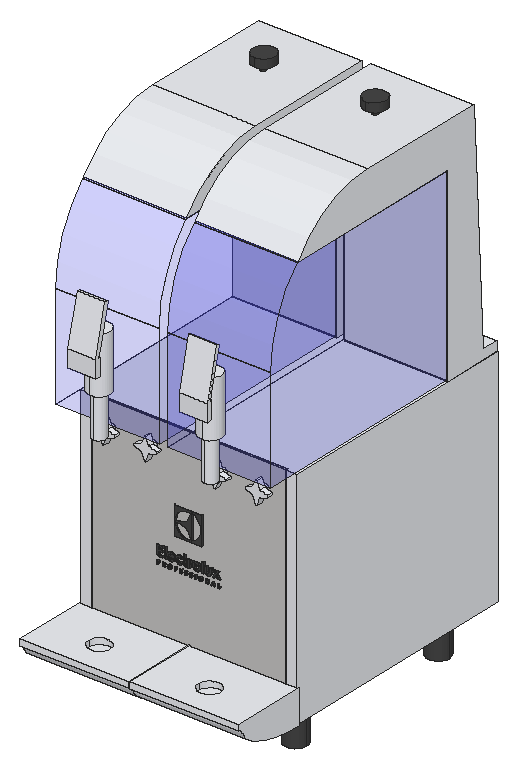
Revit family "QF_ELECTROLUXPROFESSIONAL_562532_IPRO2MLUVR290", category Attrezzature speciali, Revit 2020
Family settings
  Quota connettore circolare = Usa diametro
  Tipo di parte = Normale
  Basato su piano di lavoro = No
  Sempre verticale = Sì
  Taglio con vuoti quando caricato = No
  Condiviso = No
  Punto di calcolo locali = No
Parameters (values of type "Standard")
  Weight = 60.00 kg
  Watts = 830 W
  Volts = 220 V
  URL Manufacturer = "https://www.electroluxprofessional.com/"
  URL = "https://www.electroluxprofessional.com/"
  Steam Supply Size = 0 mm
  Steam Supply Minimum Pressure = 0.0 Pa
  Steam Supply Maximum Pressure = 0.0 Pa
  Steam Consumption per Hour = 0
  Show Logo [instance] = yes
  Show Clearance [instance] = yes
  Refrigeration Suction Line Size = 0 mm
  Refrigeration Liquid Line Size = 0 mm
  Refrigerant Compressor Remote = yes
  Prospetto di default = 0 mm
  Produttore = "Electrolux Professional"
  Phase = 1
  Modello = "IPRO2MLUVR290"
  Length Actual = 400 mm  # constant formula
  Item Number = "562532"
  Hot Water Size = 0 mm
  Height Actual = 870 mm  # constant formula
  HP = "1.1 HP"
  Gas Size = 0 mm
  Gas KW = 0
  Gas Input Pressure = 0 W
  Direct Waste Size = 0 mm
  Descrizione = "2X11 LT BOWL - FROZEN GRANITA DISPENSER - MECHANICAL CONTROL & LIGHTED PANEL - 2 INSULATED BOWLS - UV LIGHT, R290"
  Depth Actual = 580 mm  # constant formula
  Cycle = 50 Hz
  Condensate Return Size = 0 mm
  Compressed Air Volume = 0.0 L/s
  Compressed Air Size = 0 mm
  Compressed Air Pressure = 0.0 Pa
  Cold Water Size = 0 mm
  Accessory = yes
Reference planes
  plane 1: z = 0
  plane 2 "LEFT": x = -300
  plane 3 "BACK": y = 282.5
  plane 4 "FRONT": y = -301.5
  plane 5: z = 873
  plane 6 "RIGHT": x = 95
  plane 7: x = -102.5
  plane 8: y = -282.5
  plane 9: x = -202.5
  plane 10: x = -2.5
  plane 11: z = 445
  plane 12: z = 677.97
  plane 13: z = 110
  plane 14: z = 900
  plane 15: through (60, -104.25, 3830) normal (-0.7071, -0.7071, 0)
  plane 16: through (60, -84.25, 3830) normal (0.7071, -0.7071, 0)
Forms (mm)
  Extrusion 1, solid, material "QF_Finishes_White"
    sketch origin (0, 0, 0) x (1, 0, 0) y (0, 1, 0)
      loop
        line (-296.5, 282.5) -> (-296.5, -167.5) -> (-276.5, -167.5) -> (-276.5, -162.5) -> (71.5, -162.5) -> (71.5, -167.5) -> (91.5, -167.5) -> (91.5, 282.5) -> (-296.5, 282.5)
    from 50 to 453
  Extrusion 2, solid, material "QF_Finishes_Stainless Steel"
    sketch origin (0, 0, 0) x (1, 0, 0) y (0, 1, 0)
      loop
        line (71, -163) -> (-276, -163) -> (-276, -167.5) -> (71, -167.5) -> (71, -163)
    from 110 to 453
  Extrusion 3, solid, material "QF_Finishes_Stainless Steel"
    sketch origin (-367.596, -267.273, 48) x (0, -1, 0) y (1, 0, 0)
      loop
        line (-163.023, 407.596) -> (-163.023, 427.596) -> (-183.023, 427.596) -> (-183.023, 407.596) -> (-163.023, 407.596)
    from 0 to 2
Dimensions and locks
  plane 3 "BACK" to plane 4 "FRONT" = 584 mm  (x3)
  plane 5 to level = 873 mm  (x2)
  plane 2 "LEFT" to plane 6 "RIGHT" = 395 mm
  equal spacing: plane 2 "LEFT", plane 7, plane 6 "RIGHT"
  plane 3 "BACK" to plane 8 = 565 mm
  plane 10 to plane 9 = 200 mm
  plane 12 to plane 11 = 232.97 mm
  level to plane 14 = 900 mm
  plane 13 to level = 110 mm
  plane 11 to plane 13 = 335 mm
  plane 6 "RIGHT" to plane 2 "LEFT" = 395 mm
  aligned and locked: level to plane 1
Automatic sketch dimensions
  Extrusion 1 sketch curve to plane 3 "BACK" = 0 mm
  plane 2 "LEFT" to Extrusion 1 sketch curve = 3.5 mm
  Extrusion 1 sketch curve to Extrusion 1 sketch curve = 20 mm
  Extrusion 1 sketch curve to plane 6 "RIGHT" = 23.5 mm
  Extrusion 1 sketch curve to plane 6 "RIGHT" = 3.5 mm
  Extrusion 1 sketch curve to plane 8 = 120 mm
  Extrusion 1 sketch curve to Extrusion 1 sketch curve = 5 mm  (x2)
  plane 2 "LEFT" to Extrusion 2 sketch curve = 24 mm
  Extrusion 2 sketch curve to plane 6 "RIGHT" = 24 mm
  Extrusion 2 sketch curve to plane 8 = 115 mm
  Extrusion 2 sketch curve to Extrusion 2 sketch curve = 4.5 mm
  Extrusion 3 sketch curve to plane 15 = 0 mm
  plane 16 to Extrusion 3 sketch curve = 0 mm
  Extrusion 3 sketch curve to plane 16 = 0 mm
  plane 10 to Extrusion 3 sketch curve = 42.5 mm
Nested families
  nested 1: "BOCCHETTONE BEVERAGE" at (-202.5, -260.625, 445), type "BOCCHETTONE BEVERAGE"
  nested 2: "BOCCHETTONE BEVERAGE" at (-2.5, -260.625, 445), type "BOCCHETTONE BEVERAGE"
  nested 3: "MANOPOLA BEVERAGE" at (-240, -167.5, 413) x (0, 0, 1) z (0, -1, 0), type "MANOPOLA BEVERAGE"
  nested 4: "MANOPOLA BEVERAGE" at (-165, -167.5, 413) x (0, 0, 1) z (0, -1, 0), type "MANOPOLA BEVERAGE"
  nested 5: "MANOPOLA BEVERAGE" at (35, -167.5, 413) x (0, 0, 1) z (0, -1, 0), type "MANOPOLA BEVERAGE"
  nested 6: "MANOPOLA BEVERAGE" at (-40, -167.5, 413) x (0, 0, 1) z (0, -1, 0), type "MANOPOLA BEVERAGE"
  nested 7: "MANOPOLA APERTURA BEVERAGE " at (-202.5, 125, 873) x (0, 1, 0) z (0, 0, 1), type "MANOPOLA APERTURA BEVERAGE "
  nested 8: "MANOPOLA APERTURA BEVERAGE " at (-2.5, 125, 873) x (0, 1, 0) z (0, 0, 1), type "MANOPOLA APERTURA BEVERAGE "
  nested 9: "ELXP_LOGO_ONLY_MEDIUM" at (-102.5, -167.5, 303) x (1, 0, 0) z (0, -1, 0), Show Logo <- "Show Logo", visible <- "Show Logo", type "ELXP_LOGO_ONLY_MEDIUM"
    with Show Logo yes
  nested 10: "ELX_LOGO_WORDS_MEDIUM" at (-102.5, -167.5, 238) x (1, 0, 0) z (0, -1, 0), visible <- "Show Logo", Show Logo <- "Show Logo", type "ELX_LOGO_WORDS_MEDIUM"
    with Show Logo yes
  nested 11: "VASCHETTA BEVERAGE" at (-201.25, -167.5, 80) x (1, 0, 0) z (0, -1, 0), type "VASCHETTA BEVERAGE"
  nested 12: "VASCHETTA BEVERAGE" at (-3.75, -167.5, 80) x (-1, 0, 0) z (0, -1, 0), type "VASCHETTA BEVERAGE"
  nested 13: "PORTAGRANITE BEVERAGE" at (-202.5, 28.972, 453), type "PORTAGRANITE BEVERAGE"
  nested 14: "PORTAGRANITE BEVERAGE" at (-2.5, 28.972, 453) x (-1, 0, 0) z (0, 0, 1), type "PORTAGRANITE BEVERAGE"
  nested 15: "Piedino 50x40 BEVERAGE" at (-268.5, 184.5, 0), type "Piedino 50x40 BEVERAGE"
    with H 150 mm
  nested 16: "Piedino 50x40 BEVERAGE" at (-268.5, -135.5, 0), type "Piedino 50x40 BEVERAGE"
    with H 150 mm
  nested 17: "Piedino 50x40 BEVERAGE" at (63.5, 184.5, 0) x (-1, 0, 0) z (0, 0, 1), type "Piedino 50x40 BEVERAGE"
    with H 150 mm
  nested 18: "Piedino 50x40 BEVERAGE" at (63.5, -135.5, 0) x (-1, 0, 0) z (0, 0, 1), type "Piedino 50x40 BEVERAGE"
    with H 150 mm
Connectors
  electrical at (50, -94.25, 48), driven by "Volts"
    settings: on Extrusion 3, index 72, voltage 220 V, apparent load 0 VA, apparent load phase1 0 VA, apparent load phase2 0 VA, apparent load phase3 0 VA, power factor 1, load classification "Altro", number of poles 1, system type 30, power factor state 1, is connector primary yes, connector utility no, sub classification motor no, connector description "Electrical Connection"
Definition of nested family "BOCCHETTONE BEVERAGE"
  Parameters (values of type "BOCCHETTONE BEVERAGE")
    Default Elevation = 1219.2 mm
  Reference planes
    plane 1 "Centro (Fronte/Retro)": y = 0
    plane 2: z = 0
    plane 3 "Centro (Sinistra/Destra)": x = 0
    plane 4: z = 233
    plane 5: y = -22
  Forms (mm)
    Extrusion 1, solid
      sketch origin (0, 0, 0) x (1, 0, 0) y (0, 1, 0)
        loop
          line (-1219.2, 1219.2) -> (-1219.2, -1219.2) -> (1219.2, -1219.2) -> (1219.2, 1219.2) -> (-1219.2, 1219.2)
      from 0 to -304.8
    Extrusion 2, solid
      sketch origin (0, 15.961, 0) x (0, -1, 0) y (1, 0, 0)
        loop
          circle (0, 0) r 12
      from 0 to 75
    Extrusion 3, solid
      sketch origin (0, 15.961, 75) x (0, -1, 0) y (1, 0, 0)
        loop
          circle (0, 0) r 20
      from 0 to 100
    Extrusion 4, void
      sketch origin (0, 0, 0) x (1, 0, 0) y (0, 1, 0)
        loop
          line (-27.179, -16.141) -> (-21.226, -10.188) -> (-6.226, -10.188) -> (-6.226, 12.684) -> (-27.179, 12.684) -> (-27.179, -16.141)
        loop
          line (27.179, -16.141) -> (27.179, 12.684) -> (6.226, 12.684) -> (6.226, -10.188) -> (21.226, -10.188) -> (27.179, -16.141)
      from 104.337 to 159.894
    Extrusion 5, solid
      sketch origin (25, 15.961, 29.221) x (0, -1, 0) y (0, 0, 1)
        loop
          line (11.922, 118.779) -> (11.922, 88.779) -> (37.961, 88.779) -> (37.961, 119.393) -> (16.929, 203.749) -> (12.077, 202.539) -> (32.961, 118.779) -> (11.922, 118.779)
      from 0 to 50
  Cuts and joins
    Extrusion 4 cuts Extrusion 5
    joined: Extrusion 3, Extrusion 5
  Dimensions and locks
    Extrusion 1 to plane 4 = 233 mm
    aligned and locked: plane 2 to Extrusion 1
    aligned and locked: level to Extrusion 1
Definition of nested family "MANOPOLA BEVERAGE"
  Parameters (values of type "MANOPOLA BEVERAGE")
    Default Elevation = 1219.2 mm
  Reference planes
    plane 1 "Centro (Fronte/Retro)": y = 0
    plane 2: z = 0
    plane 3 "Centro (Sinistra/Destra)": x = 0
    plane 4: z = 20
  Forms (mm)
    Extrusion 1, solid
      sketch origin (0, 0, 0) x (1, 0, 0) y (0, 1, 0)
        loop
          line (-1219.2, 1219.2) -> (-1219.2, -1219.2) -> (1219.2, -1219.2) -> (1219.2, 1219.2) -> (-1219.2, 1219.2)
      from 0 to -304.8
    Extrusion 2, solid
      sketch origin (0, 0, 10) x (1, 0, 0) y (0, 1, 0)
        loop
          line (-20, -1.333) -> (-6.314, -6.314) -> (-1.333, -20) -> (1.333, -20) -> (6.314, -6.314) -> (20, -1.333) -> (20, 1.333) -> (6.314, 6.314) -> (1.333, 20) -> (-1.333, 20) -> (-6.314, 6.314) -> (-20, 1.333) -> (-20, -1.333)
      from 0 to 10
    Extrusion 3, solid
      sketch origin (0, 0, 0) x (1, 0, 0) y (0, 1, 0)
        loop
          circle (0, 0) r 5
      from 0 to 10
  Dimensions and locks
    aligned and locked: plane 2 to Extrusion 1
    aligned and locked: level to Extrusion 1
Definition of nested family "MANOPOLA APERTURA BEVERAGE "
  Parameters (values of type "MANOPOLA APERTURA BEVERAGE ")
    Default Elevation = 1219.2 mm
  Reference planes
    plane 1 "Centro (Fronte/Retro)": y = 0
    plane 2: z = 0
    plane 3 "Centro (Sinistra/Destra)": x = 0
    plane 4: z = 27
  Forms (mm)
    Extrusion 1, solid
      sketch origin (0, 0, 0) x (1, 0, 0) y (0, 1, 0)
        loop
          line (-1219.2, 1219.2) -> (-1219.2, -1219.2) -> (1219.2, -1219.2) -> (1219.2, 1219.2) -> (-1219.2, 1219.2)
      from 0 to -304.8
    Extrusion 2, solid
      sketch origin (0, 0, 0) x (1, 0, 0) y (0, 1, 0)
        loop
          circle (0, 0) r 5
      from 0 to 12
    Extrusion 3, solid
      sketch origin (0, 0, 12) x (1, 0, 0) y (0, 1, 0)
        loop
          circle (0, 0) r 20
      from 0 to 15
  Dimensions and locks
    Extrusion 1 to plane 4 = 27 mm
    aligned and locked: plane 2 to Extrusion 1
    aligned and locked: level to Extrusion 1
Definition of nested family "ELXP_LOGO_ONLY_MEDIUM"
  Parameters (values of type "ELXP_LOGO_ONLY_MEDIUM")
    Show Logo [instance] = yes
    Default Elevation = 0 mm
  Reference planes
    plane 1 "Centro (Fronte/Retro)": y = 0
    plane 2: z = 0
    plane 3 "Centro (Sinistra/Destra)": x = 0
  Forms (mm)
    Extrusion 1, solid
      sketch origin (0, 0, 0) x (1, 0, 0) y (0, 1, 0)
        loop
          line (-1219.2, 1219.2) -> (-1219.2, -1219.2) -> (1219.2, -1219.2) -> (1219.2, 1219.2) -> (-1219.2, 1219.2)
      from 0 to -304.8
    Extrusion 2, solid, visible <- "Show Logo"
      sketch origin (15.862, -72.798, 0) x (1, 0, 0) y (0, 1, 0)
        loop
          line (-40.901, 47.952) -> (9.138, 47.952) -> (9.138, 97.923) -> (-40.901, 97.923) -> (-40.901, 47.952)
        loop
          line (-9.2, 95.47) -> (-9.2, 50.507)
          arc (-9.2, 50.507) -> (7.421, 72.988) -> (-9.2, 95.47) r 23.515
        loop
          line (-11.486, 92.214) -> (-11.486, 95.47)
          arc (-11.486, 95.47) -> (-30.185, 91.22) -> (-39.194, 74.292) r 23.044
          line (-39.194, 74.292) -> (-31.756, 74.292)
          arc (-31.756, 74.292) -> (-18.467, 79.686) -> (-11.486, 92.214) r 21.599
        loop
          arc (-39.194, 71.685) -> (-30.2, 54.618) -> (-11.486, 49.93) r 23.647
          line (-11.486, 49.93) -> (-11.486, 53.763)
          arc (-11.486, 53.763) -> (-18.467, 66.291) -> (-31.756, 71.685) r 21.599
          line (-31.756, 71.685) -> (-39.194, 71.685)
      from 0 to 1.644
  Dimensions and locks
    aligned and locked: plane 2 to Extrusion 1
    aligned and locked: level to Extrusion 1
Definition of nested family "ELX_LOGO_WORDS_MEDIUM"
  Parameters (values of type "ELX_LOGO_WORDS_MEDIUM")
    Show Logo [instance] = yes
    Default Elevation = 0 mm
  Reference planes
    plane 1 "Centro (Fronte/Retro)": y = 0
    plane 2: z = 0
    plane 3 "Centro (Sinistra/Destra)": x = 0
  Forms (mm)
    Extrusion 1, solid
      sketch origin (0, 0, 0) x (1, 0, 0) y (0, 1, 0)
        loop
          line (-1219.2, 1219.2) -> (-1219.2, -1219.2) -> (1219.2, -1219.2) -> (1219.2, 1219.2) -> (-1219.2, 1219.2)
      from 0 to -304.8
    Extrusion 2, solid, visible <- "Show Logo"
      sketch origin (0, 0, 0) x (1, 0, 0) y (0, 1, 0)
        loop
          line (-45.351, 15.842) -> (-56.505, 15.842) -> (-56.505, 2.853)
          arc (-56.505, 2.853) -> (-55.037, -0.691) -> (-51.493, -2.159) r 5.012
          line (-51.493, -2.159) -> (-45.135, -2.159) -> (-45.135, 0.755) -> (-50.767, 0.755)
          arc (-50.767, 0.755) -> (-52.618, 1.38) -> (-53.406, 3.168) r 2.423
          line (-53.406, 3.168) -> (-53.406, 5.743) -> (-45.833, 5.743) -> (-45.833, 8.668) -> (-53.406, 8.668) -> (-53.406, 12.925) -> (-45.351, 12.925) -> (-45.351, 15.842)
        loop
          line (-42.933, 15.842) -> (-42.933, -2.159) -> (-39.832, -2.159) -> (-39.832, 15.842) -> (-42.933, 15.842)
        loop
          line (24.405, 15.842) -> (24.405, -2.159) -> (27.508, -2.159) -> (27.508, 15.842) -> (24.405, 15.842)
        loop
          line (-34.705, 3.589) -> (-24.531, 3.589)
          arc (-24.531, 3.589) -> (-26.123, 9.178) -> (-31.565, 11.217) r 6.447
          arc (-31.565, 11.217) -> (-36.358, 8.786) -> (-37.726, 3.589) r 6.56
          arc (-37.726, 3.589) -> (-35.926, -0.757) -> (-31.58, -2.557) r 6.146
          arc (-31.58, -2.557) -> (-28.198, -2.058) -> (-25.362, -0.149) r 7.726
          line (-25.362, -0.149) -> (-27.199, 1.688)
          arc (-27.199, 1.688) -> (-29.61, 0.242) -> (-32.411, 0.485) r 4.558
          arc (-32.411, 0.485) -> (-34.119, 1.622) -> (-34.705, 3.589) r 3.019
        loop
          line (-34.628, 5.769) -> (-27.646, 5.769)
          arc (-27.646, 5.769) -> (-28.626, 7.83) -> (-30.779, 8.59) r 2.974
          arc (-30.779, 8.59) -> (-33.263, 7.943) -> (-34.628, 5.769) r 3.481
        loop
          line (-12.445, 7.067) -> (-10.499, 9.013)
          arc (-10.499, 9.013) -> (-12.94, 10.78) -> (-15.907, 11.309) r 6.746
          arc (-15.907, 11.309) -> (-20.432, 9.655) -> (-22.806, 5.463) r 6.977
          arc (-22.806, 5.463) -> (-18.803, -1.885) -> (-10.608, -0.191) r 7.026
          line (-10.608, -0.191) -> (-12.544, 1.745)
          arc (-12.544, 1.745) -> (-16.723, 0.362) -> (-19.717, 3.589) r 4.071
          arc (-19.717, 3.589) -> (-19.509, 6.14) -> (-17.752, 8.002) r 3.867
          arc (-17.752, 8.002) -> (-14.941, 8.431) -> (-12.445, 7.067) r 4.442
        loop
          line (-8.594, 15.842) -> (-8.594, 3.541)
          arc (-8.594, 3.541) -> (-8.326, 1.695) -> (-7.635, -0.038) r 7.951
          arc (-7.635, -0.038) -> (-5.422, -1.797) -> (-2.62, -2.167) r 5.297
          line (-2.62, -2.167) -> (-2.62, 0.738)
          arc (-2.62, 0.738) -> (-3.453, 0.802) -> (-4.23, 1.109) r 2.792
          arc (-4.23, 1.109) -> (-5.227, 2.163) -> (-5.494, 3.589) r 2.57
          line (-5.494, 3.589) -> (-5.494, 8.043) -> (-2.678, 8.043) -> (-2.678, 10.86) -> (-5.494, 10.86) -> (-5.494, 15.842) -> (-8.594, 15.842)
        loop
          arc (3.006, 4.684) -> (3.228, 5.982) -> (3.868, 7.133) r 3.911
          arc (3.868, 7.133) -> (5.725, 8.086) -> (7.812, 8.043) r 4.26
          line (7.812, 8.043) -> (7.812, 11.023)
          arc (7.812, 11.023) -> (5.085, 10.766) -> (3.006, 8.983) r 4.524
          line (3.006, 8.983) -> (3.006, 10.86) -> (-0.069, 10.86) -> (-0.069, -2.159) -> (3.006, -2.159) -> (3.006, 4.684)
        loop
          circle (15.393, 4.348) r 6.899
        loop
          circle (15.393, 4.348) r 4.181
        loop
          arc (38.69, 3.262) -> (37.924, 1.158) -> (35.848, 0.319) r 2.752
          arc (35.848, 0.319) -> (33.771, 1.158) -> (33.005, 3.262) r 2.752
          line (33.005, 3.262) -> (33.005, 10.859) -> (29.879, 10.859) -> (29.879, 3.004)
          arc (29.879, 3.004) -> (31.658, -1.052) -> (35.848, -2.489) r 5.512
          arc (35.848, -2.489) -> (40.084, -1.008) -> (41.815, 3.132) r 5.512
          line (41.815, 3.132) -> (41.815, 10.859) -> (38.69, 10.859) -> (38.69, 3.262)
        loop
          line (43.689, 10.859) -> (48.192, 4.746) -> (43.245, -2.164) -> (46.578, -2.164) -> (49.861, 2.422) -> (53.193, -2.164) -> (56.505, -2.164) -> (51.629, 4.817) -> (56.087, 10.859) -> (52.703, 10.859) -> (49.851, 6.995) -> (47.043, 10.859) -> (43.689, 10.859)
        loop
          line (-53.813, -9.621) -> (-56.285, -9.621) -> (-56.285, -15.847) -> (-54.932, -15.847) -> (-54.932, -13.703) -> (-53.437, -13.703)
          arc (-53.437, -13.703) -> (-51.764, -11.49) -> (-53.813, -9.621) r 2.058
        loop
          arc (-53.496, -12.48) -> (-52.984, -11.679) -> (-53.496, -10.879) r 0.881
          line (-53.496, -10.879) -> (-54.932, -10.879) -> (-54.932, -12.48) -> (-53.496, -12.48)
        loop
          line (-44.045, -9.621) -> (-46.56, -9.621) -> (-46.56, -15.847) -> (-45.207, -15.847) -> (-45.207, -13.703) -> (-43.898, -13.703) -> (-43.003, -15.847) -> (-41.55, -15.847) -> (-42.774, -13.222)
          arc (-42.774, -13.222) -> (-42.188, -12.521) -> (-41.991, -11.628) r 1.922
          arc (-41.991, -11.628) -> (-42.609, -10.206) -> (-44.045, -9.621) r 2.055
        loop
          line (-45.207, -10.879) -> (-45.207, -12.48) -> (-43.771, -12.48)
          arc (-43.771, -12.48) -> (-43.258, -11.679) -> (-43.771, -10.879) r 0.881
          line (-43.771, -10.879) -> (-45.207, -10.879)
        loop
          circle (-33.602, -12.734) r 3.233
        loop
          circle (-33.602, -12.734) r 2.052
        loop
          line (-25.054, -9.622) -> (-25.054, -15.847) -> (-23.734, -15.847) -> (-23.734, -13.671) -> (-21.392, -13.671) -> (-21.392, -12.276) -> (-23.734, -12.276) -> (-23.734, -10.963) -> (-21.167, -10.963) -> (-21.167, -9.622) -> (-25.054, -9.622)
        loop
          line (-15.917, -9.622) -> (-15.917, -13.825)
          arc (-15.917, -13.825) -> (-15.343, -15.249) -> (-13.926, -15.842) r 1.991
          line (-13.926, -15.842) -> (-11.917, -15.842) -> (-11.917, -14.666) -> (-13.806, -14.666)
          arc (-13.806, -14.666) -> (-14.501, -14.091) -> (-14.638, -13.198) r 1.267
          line (-14.638, -13.198) -> (-12.15, -13.198) -> (-12.15, -12.023) -> (-14.638, -12.023) -> (-14.638, -10.797) -> (-11.977, -10.797) -> (-11.977, -9.622) -> (-15.917, -9.622)
        loop
          arc (6.626, -10.41) -> (5.801, -9.733) -> (4.757, -9.518) r 2.228
          arc (4.757, -9.518) -> (3.792, -9.755) -> (2.999, -10.352) r 2.468
          arc (2.999, -10.352) -> (2.853, -11.766) -> (3.765, -12.856) r 1.825
          arc (3.765, -12.856) -> (4.531, -13.112) -> (5.259, -13.464) r 6.301
          arc (5.259, -13.464) -> (5.719, -14.005) -> (5.402, -14.641) r 0.645
          arc (5.402, -14.641) -> (4.814, -14.78) -> (4.228, -14.631) r 1.269
          arc (4.228, -14.631) -> (3.722, -14.266) -> (3.412, -13.725) r 1.474
          line (3.412, -13.725) -> (2.324, -14.233)
          arc (2.324, -14.233) -> (2.716, -14.99) -> (3.348, -15.561) r 2.393
          arc (3.348, -15.561) -> (4.065, -15.867) -> (4.841, -15.945) r 2.579
          arc (4.841, -15.945) -> (5.8, -15.754) -> (6.664, -15.295) r 3.369
          arc (6.664, -15.295) -> (7.045, -14.28) -> (6.848, -13.214) r 2.023
          arc (6.848, -13.214) -> (6.423, -12.723) -> (5.879, -12.368) r 2.346
          arc (5.879, -12.368) -> (5.19, -12.061) -> (4.485, -11.796) r 12.353
          arc (4.485, -11.796) -> (4.077, -11.162) -> (4.666, -10.692) r 0.562
          arc (4.666, -10.692) -> (5.372, -10.862) -> (5.915, -11.344) r 1.497
          line (5.915, -11.344) -> (6.626, -10.41)
        loop
          line (12.337, -9.622) -> (12.337, -15.842) -> (13.616, -15.842) -> (13.616, -9.622) -> (12.337, -9.622)
        loop
          circle (22.24, -12.732) r 1.935
        loop
          circle (22.24, -12.732) r 3.231
        loop
          line (30.821, -15.842) -> (32.114, -15.842) -> (32.114, -11.931) -> (34.96, -15.842) -> (36.203, -15.842) -> (36.203, -9.622) -> (34.911, -9.622) -> (34.911, -13.651) -> (32.065, -9.622) -> (30.821, -9.622) -> (30.821, -15.842)
        loop
          line (42.652, -15.842) -> (43.258, -14.5) -> (45.559, -14.5) -> (46.165, -15.842) -> (47.54, -15.842) -> (44.912, -9.622) -> (43.712, -9.622) -> (41.279, -15.842) -> (42.652, -15.842)
        loop
          line (44.985, -13.224) -> (44.369, -11.857) -> (43.77, -13.224) -> (44.985, -13.224)
        loop
          line (53.893, -14.666) -> (53.893, -9.622) -> (52.614, -9.622) -> (52.614, -15.842) -> (56.285, -15.842) -> (56.285, -14.666) -> (53.893, -14.666)
        loop
          arc (-2.701, -10.41) -> (-3.525, -9.733) -> (-4.57, -9.518) r 2.228
          arc (-4.57, -9.518) -> (-5.534, -9.755) -> (-6.327, -10.352) r 2.468
          arc (-6.327, -10.352) -> (-6.473, -11.766) -> (-5.562, -12.856) r 1.825
          arc (-5.562, -12.856) -> (-4.795, -13.112) -> (-4.067, -13.464) r 6.301
          arc (-4.067, -13.464) -> (-3.608, -14.005) -> (-3.924, -14.641) r 0.645
          arc (-3.924, -14.641) -> (-4.512, -14.78) -> (-5.098, -14.631) r 1.269
          arc (-5.098, -14.631) -> (-5.604, -14.266) -> (-5.914, -13.725) r 1.474
          line (-5.914, -13.725) -> (-7.002, -14.233)
          arc (-7.002, -14.233) -> (-6.61, -14.99) -> (-5.978, -15.561) r 2.393
          arc (-5.978, -15.561) -> (-5.261, -15.867) -> (-4.485, -15.945) r 2.579
          arc (-4.485, -15.945) -> (-3.526, -15.754) -> (-2.663, -15.295) r 3.369
          arc (-2.663, -15.295) -> (-2.281, -14.28) -> (-2.478, -13.214) r 2.023
          arc (-2.478, -13.214) -> (-2.903, -12.723) -> (-3.448, -12.368) r 2.346
          arc (-3.448, -12.368) -> (-4.136, -12.061) -> (-4.842, -11.796) r 12.353
          arc (-4.842, -11.796) -> (-5.249, -11.162) -> (-4.66, -10.692) r 0.562
          arc (-4.66, -10.692) -> (-3.954, -10.862) -> (-3.412, -11.344) r 1.497
          line (-3.412, -11.344) -> (-2.701, -10.41)
      from 0 to 1.644
  Dimensions and locks
    aligned and locked: plane 2 to Extrusion 1
    aligned and locked: level to Extrusion 1
Definition of nested family "VASCHETTA BEVERAGE"
  Parameters (values of type "VASCHETTA BEVERAGE")
    Default Elevation = 1219.2 mm
  Reference planes
    plane 1 "Centro (Fronte/Retro)": y = 0
    plane 2: z = 0
    plane 3 "Centro (Sinistra/Destra)": x = 0
  Forms (mm)
    Extrusion 1, solid
      sketch origin (0, 0, 0) x (1, 0, 0) y (0, 1, 0)
        loop
          line (-1219.2, 1219.2) -> (-1219.2, -1219.2) -> (1219.2, -1219.2) -> (1219.2, 1219.2) -> (-1219.2, 1219.2)
      from 0 to -304.8
    Extrusion 2, solid
      sketch origin (-97.5, -80, -167.5) x (0, 0, -1) y (0, 1, 0)
        loop
          line (-167.5, 110) -> (-301.5, 110) -> (-301.5, 100) -> (-296.403, 100)
          spline (-296.403, 100) -> (-294.717, 93.399) -> (-290.961, 86.937) -> (-285.195, 80.722) -> (-277.513, 74.853) -> (-268.041, 69.426) -> (-256.932, 64.529) -> (-244.367, 60.243) -> (-230.551, 56.637) -> (-215.709, 53.769) -> (-200.082, 51.686) -> (-183.925, 50.423) -> (-167.5, 50)
          line (-167.5, 50) -> (-167.5, 110)
      from 0 to 195
    Extrusion 3, void
      sketch origin (202.5, -80, -167.5) x (1, 0, 0) y (0, 0, -1)
        loop
          circle (-202.5, -244.664) r 20
      from 100 to 110
  Cuts and joins
    Extrusion 3 cuts Extrusion 2
  Dimensions and locks
    aligned and locked: plane 2 to Extrusion 1
    aligned and locked: level to Extrusion 1
Definition of nested family "PORTAGRANITE BEVERAGE"
  Parameters (values of type "PORTAGRANITE BEVERAGE")
    Default Elevation = 1219.2 mm
  Reference planes
    plane 1 "Centro (Fronte/Retro)": y = 0
    plane 2: z = 0
    plane 3 "Centro (Sinistra/Destra)": x = 0
    plane 4: z = 233
    plane 5: y = -36.472
    plane 6: z = 338
  Forms (mm)
    Extrusion 1, solid
      sketch origin (0, 0, 0) x (1, 0, 0) y (0, 1, 0)
        loop
          line (-1219.2, 1219.2) -> (-1219.2, -1219.2) -> (1219.2, -1219.2) -> (1219.2, 1219.2) -> (-1219.2, 1219.2)
      from 0 to -304.8
    Extrusion 2, solid
      sketch origin (-92.5, -28.972, -376) x (0, 1, 0) y (0, 0, 1)
        loop
          line (172.5, 716) -> (172.5, 376) -> (282.5, 376) -> (282.5, 393) -> (251.241, 393) -> (230.12, 796) -> (-7.5, 796)
          arc (-7.5, 796) -> (-94.678, 774.819) -> (-162.419, 716) r 190
          line (-162.419, 716) -> (172.5, 716)
      from 0 to 185
    Extrusion 3, solid
      sketch origin (-100, -28.972, -376) x (0, 1, 0) y (0, 0, 1)
        loop
          line (170.5, 378) -> (170.5, 714) -> (-164.355, 714)
          arc (-164.355, 714) -> (-209.023, 644.734) -> (-224.664, 563.812) r 217.164
          line (-224.664, 563.812) -> (-224.664, 378) -> (170.5, 378)
      from 7.5 to 192.5
  Dimensions and locks
    Extrusion 1 to plane 4 = 233 mm
    aligned and locked: plane 2 to Extrusion 1
    aligned and locked: level to Extrusion 1
Definition of nested family "Piedino 50x40 BEVERAGE"
  Parameters (values of type "Piedino 50x40 BEVERAGE")
    Default Elevation = 0 mm
    H [instance] = 150 mm
  Reference planes
    plane 1 "Centro (Fronte/Retro)": y = 0
    plane 2: z = 0
    plane 3 "Centro (Sinistra/Destra)": x = 0
  Forms (mm)
    Revolve 1, solid
      sketch origin (55, 0, 0) x (-1, 0, 0) y (0, 0, -1)
        loop
          line (55, 0) -> (35, 0) -> (35, -50) -> (55, -50) -> (55, 0)
        axis (55, 0) -> (55, -50)
      angle from 0 to 360
  Dimensions and locks
    aligned and locked: level to plane 2
